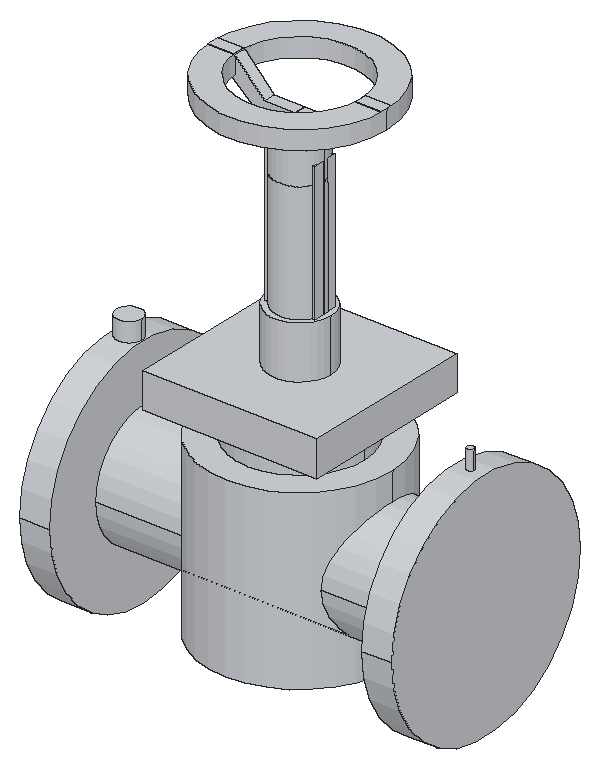
Revit family "Sigma_Compact_DN200-HF_PN16_RFA_2019", category Pipe Accessories, Revit 2019
Family settings
  Round Connector Dimension = Use Diameter
  Part Type = Valve - Breaks Into
  Work Plane-Based = No
  Always vertical = Yes
  Cut with Voids When Loaded = No
  Shared = No
Parameters (values of type "Sigma Compact DN 200 HF PN16")
  magiProductId = "9690c155034b41f3a54554dedb5edf"
  magiProductFamilyId = "01495da7eb234de3883c6bc9c8853e"
  magiPartTypeId = 304
  isMeasuringValve [instance] = no
  ang2D [instance] = 0.00°
  W2D = 50 mm
  VersionID = "2.0/2018.12.13.2/FRESE_SIGMA_C_BIG_Q13_001"
  Use Minimum Symbol Size [instance] = no
  URL = "www.hydronix.cz"
  Type Comments = "přírubový; PN16; max dp=800kPa; 0~+110°C; max uzavírací tlak 1MPa"
  R4 = 105 mm
  R3 = 98.8 mm
  R1 = 150 mm
  QmdConnectorList = "301;D;302;D"
  Productdata [instance] = ""
  Manufacturer = "Hydronix"
  Maintenance Zone Under Depth [instance] = 100 mm
  Maintenance Zone Right Depth [instance] = 100 mm
  Maintenance Zone Over Depth [instance] = 100 mm
  Maintenance Zone Left Depth [instance] = 100 mm
  Maintenance Zone Front Depth [instance] = 100 mm
  Maintenance Zone Back Depth [instance] = 100 mm
  Maintenance Zone Front Visibility [instance] = no
  MC Use Limits From Balancing Method = no
  MC Throttling Minimum Value = 0
  MC Throttling Maximum Value = 0
  MC Product Code = "53-2416 DN200; PN16; (130000-280000 l/h); kvs=317"
  MC Pressure Drop Minimum Value = 0.0 Pa
  MC Pressure Drop Maximum Value = 0.0 Pa
  MC Piping Given Pressure Drop [instance] = 0.0 Pa
  LF__ve = -LF  # -48 mm
  LF2 = 24 mm
  LF = 48 mm
  L432 = 49.35 mm
  L43 = 98.7 mm
  L42 = 141 mm
  L4 = 282 mm
  L3 = 504 mm
  L2D_Min = 30.48 mm
  L2D = 230 mm
  L2 = 300 mm
  HH12 = 29.5 mm
  HH1 = 59 mm
  HDF__ve = -HDF  # -334 mm
  HDF = 334 mm
  H6 = 85 mm
  H4 = 57 mm
  H3 = 47.5 mm
  H2 = 142.5 mm
  H11 = 285 mm
  H1 = 853 mm
  H = 714 mm
  Description = "Automatický vyvažovací ventil"
  DF2 = 190 mm
  D = 200 mm
  Clearance Zone Height Depth [instance] = 100 mm
  Clearance Zone Circular Radius [instance] = 300 mm
  Clearance Zone Visibility [instance] = no
  CAT0 = yes
Types (9, lengths in mm): name | magiProductId | Type Comments | R4 | R3 | R1 | MC Product Code | LF__ve | LF2 | LF | L432 | L43 | L42 | L4 | L3 | L2 | HH12 | HH1 | HDF__ve | HDF | H4 | H3 | H2 | H11 | H1 | H | DF2 | D | Clearance Zone Circular Radius
  Sigma Compact DN 050 HF PN16 | "68e8ec0e285d475ea5c3f8787337ca" | "přírubový; PN16; max dp=800kPa; 0~+120°C; max uzavírací tlak 1MPa" | 40.25 | 42.9 | 57.5 | "53-2410 DN50; PN16; (3920-24000 l/h); kvs=34" | -18.4 | 9.2 | 18.4 | 18.917 | 37.835 | 54.05 | 108.1 | 193.2 | 115 | 16.5 | 33 | -202 | 202 | 24.75 | 20.625 | 61.875 | 123.75 | 480 | 367 | 82.5 | 50 | 115
  Sigma Compact DN 065 HF PN16 | "93d22af618bf47d6be13ef3bd41a97" | "přírubový; PN16; max dp=800kPa; 0~+120°C; max uzavírací tlak 1MPa" | 50.75 | 48.1 | 72.5 | "53-2411 DN65; PN16; (5950-35000 l/h); kvs=47" | -23.2 | 11.6 | 23.2 | 23.853 | 47.705 | 68.15 | 136.3 | 243.6 | 145 | 16.5 | 33 | -199 | 199 | 27.75 | 23.125 | 69.375 | 138.75 | 497 | 384 | 92.5 | 65 | 145
  Sigma Compact DN 080 HF PN16 | "30d16928369c437789493110503824" | "přírubový; PN16; max dp=800kPa; 0~+120°C; max uzavírací tlak 1MPa" | 54.25 | 52 | 77.5 | "53-2412 DN80; PN16; (7020-43000 l/h); kvs=61" | -24.8 | 12.4 | 24.8 | 25.497 | 50.995 | 72.85 | 145.7 | 260.4 | 155 | 16.5 | 33 | -213 | 213 | 30 | 25 | 75 | 150 | 526 | 413 | 100 | 80 | 155
  Sigma Compact DN 100 HF PN16 | "cbc2fc0a341c4a2b87b0bcbf79c376" | "přírubový; PN16; max dp=800kPa; 0~+120°C; max uzavírací tlak 1MPa" | 61.25 | 61.1 | 87.5 | "53-2413 DN100; PN16; (14800-90000 l/h); kvs=104" | -28 | 14 | 28 | 28.788 | 57.575 | 82.25 | 164.5 | 294 | 175 | 34 | 68 | -331 | 331 | 35.25 | 29.375 | 88.125 | 176.25 | 714 | 566 | 117.5 | 100 | 175
  Sigma Compact DN 125 HF PN16 | "02452206f7594718b3d97e4e693144" | "přírubový; PN16; max dp=800kPa; 0~+120°C; max uzavírací tlak 1MPa" | 70 | 70.2 | 100 | "53-2414 DN125; PN16; (23000-135000 l/h); kvs=185" | -32 | 16 | 32 | 32.9 | 65.8 | 94 | 188 | 336 | 200 | 36.5 | 73 | -338 | 338 | 40.5 | 33.75 | 101.25 | 202.5 | 761 | 608 | 135 | 125 | 200
  Sigma Compact DN 150 HF PN16 | "2e5d0064e2dd45fa818d7fb779c9a5" | "přírubový; PN16; max dp=800kPa; 0~+110°C; max uzavírací tlak 1MPa" | 84 | 74.1 | 120 | "53-2415 DN150; PN16; (32000-195000 l/h); kvs=242" | -38.4 | 19.2 | 38.4 | 39.48 | 78.96 | 112.8 | 225.6 | 403.2 | 240 | 13 | 26 | -391 | 391 | 42.75 | 35.625 | 106.875 | 213.75 | 782 | 676 | 142.5 | 150 | 240
  Sigma Compact DN 200 HF PN16 | "9690c155034b41f3a54554dedb5edf" | "přírubový; PN16; max dp=800kPa; 0~+110°C; max uzavírací tlak 1MPa" | 105 | 98.8 | 150 | "53-2416 DN200; PN16; (130000-280000 l/h); kvs=317" | -48 | 24 | 48 | 49.35 | 98.7 | 141 | 282 | 504 | 300 | 29.5 | 59 | -334 | 334 | 57 | 47.5 | 142.5 | 285 | 853 | 714 | 190 | 200 | 300
  Sigma Compact DN 250 HF PN16 | "baee3668eb0d4f168225ec1ed946f7" | "přírubový; PN16; max dp=800kPa; 0~+110°C; max uzavírací tlak 1MPa" | 127.75 | 115.44 | 182.5 | "53-2417 DN250; PN16; (245000-600000 l/h); kvs=717" | -58.4 | 29.2 | 58.4 | 60.042 | 120.085 | 171.55 | 343.1 | 613.2 | 365 | 29 | 58 | -462 | 462 | 66.6 | 55.5 | 166.5 | 333 | 1044 | 906 | 222 | 250 | 365
  Sigma Compact DN 300 HF PN16 | "f903017b03a74a7ebca8b59c0516bf" | "přírubový; PN16; max dp=800kPa; 0~+110°C; max uzavírací tlak 1MPa" | 148.75 | 135.2 | 212.5 | "53-2418 DN300; PN16; (245000-600000 l/h); kvs=717" | -68 | 34 | 68 | 69.912 | 139.825 | 199.75 | 399.5 | 714 | 425 | 29 | 58 | -424 | 424 | 78 | 65 | 195 | 390 | 1082 | 944 | 260 | 300 | 425
Reference planes
  plane 1 "Center (Front/Back)": y = 0
  plane 2 "XYPLANE": z = 0
  plane 3 "Center (Left/Right)": x = 0
  plane 4 "298": y = -290
  plane 5 "297": y = 290
  plane 6 "296": y = -190
  plane 7 "295": y = 190
  plane 8 "294": z = -290
  plane 9 "293": z = 763
  plane 10 "292": x = -400
  plane 11 "291": x = 400
  plane 12 "290": z = 763
  plane 13 "256": y = -20
  plane 14 "254": z = 543.5
  plane 15 "253": z = 553.5
  plane 16 "252": x = -40
  plane 17 "251": x = -30
  plane 18 "250": x = 40
  plane 19 "249": x = 30
  plane 20 "247": z = 332
  plane 21 "244": z = 524
  plane 22 "243": x = 141
  plane 23 "242": x = 98.7
  plane 24 "241": x = 49.35
  plane 25 "240": y = -10
  plane 26 "238": x = -49.35
  plane 27 "237": x = -98.7
  plane 28 "236": z = 583
  plane 29 "235": z = 613
  plane 30 "234": x = -141
  plane 31 "225": z = 663
  plane 32 "224": z = -190
  plane 33 "157": x = 276
  plane 34 "156": x = -276
  plane 35 "155": z = 190
  plane 36 "154": z = 247
  plane 37 "153": z = 190
  plane 38 "152": z = 142.5
  plane 39 "151": x = -252
  plane 40 "150": z = -142.5
  plane 41 "149": x = 0
  plane 42 "148": y = 0
  plane 43 "147": z = 0
  plane 44 "146": x = -300
  plane 45 "145": x = 300
Forms (mm)
  Blend 1, solid, visible <- "Maintenance Zone Front Visibility"
    base sketch origin (-750, 0, 763) x (1, 0, 0) y (0, 1, 0)
      loop
        line (350, 290) -> (350, -290) -> (1150, -290) -> (1150, 290) -> (350, 290)
    top sketch origin (-750, 0, 763) x (1, 0, 0) y (0, 1, 0)
      loop
        line (350, 290) -> (350, -290) -> (1150, -290) -> (1150, 290) -> (350, 290)
    from 0 to -1053
  Blend 2, solid, visible <- "Clearance Zone Visibility"
    base sketch origin (-750, 0, 0) x (1, 0, 0) y (0, 1, 0)
      loop
        circle (750, 0) r 300
    top sketch origin (-750, 0, 0) x (1, 0, 0) y (0, 1, 0)
      loop
        circle (750, 0) r 300
    from 0 to 763
  Extrusion 3, solid
    sketch origin (-750, 0, 524) x (1, 0, 0) y (0, 1, 0)
      loop
        circle (750, 0) r 40.432
    from 0 to -334 <- "HDF__ve"
  Extrusion 4, solid
    sketch origin (-750, 0, 332) x (1, 0, 0) y (0, 1, 0)
      loop
        line (780, 20) -> (720, 20) -> (720, -20) -> (780, -20) -> (780, 20)
    from 0 to 25
  Extrusion 5, solid
    sketch origin (750, -20, 0) x (-1, 0, 0) y (0, 0, 1)
      loop
        line (790, 332) -> (790, 553.5) -> (710, 553.5) -> (710, 332) -> (720, 332) -> (720, 543.5) -> (780, 543.5) -> (780, 332) -> (790, 332)
    from 0 to 40
  Extrusion 6, solid
    sketch origin (-750, 0, 332) x (1, 0, 0) y (0, 1, 0)
      loop
        circle (750, 0) r 25
    from 0 to 30
  Extrusion 7, solid
    sketch origin (750, -10, 0) x (-1, 0, 0) y (0, 0, 1)
      loop
        line (848.7, 663) -> (799.35, 613) -> (750, 613) -> (750, 583) -> (799.35, 583) -> (891, 663) -> (848.7, 663)
    from 0 to 20
  Extrusion 8, solid
    sketch origin (750, -10, 0) x (-1, 0, 0) y (0, 0, 1)
      loop
        line (651.3, 663) -> (609, 663) -> (700.65, 583) -> (750, 583) -> (750, 613) -> (700.65, 613) -> (651.3, 663)
    from 0 to 20
  Extrusion 9, solid
    sketch origin (-750, 0, 524) x (1, 0, 0) y (0, 1, 0)
      loop
        circle (750, 0) r 40.432
    from 0 to 59 <- "HH1"
  Extrusion 10, solid
    sketch origin (-750, 0, 663) x (1, 0, 0) y (0, 1, 0)
      loop
        circle (750, 0) r 141
      loop
        circle (750, 0) r 98.7
    from 0 to -30
  Extrusion 11, solid, visible <- "CAT0"
    sketch origin (-750, 0, 190) x (1, 0, 0) y (0, 1, 0)
      loop
        circle (1026, 0) r 5.5
    from 0 to 30
  Extrusion 12, solid, visible <- "CAT0"
    sketch origin (-750, 0, 190) x (1, 0, 0) y (0, 1, 0)
      loop
        circle (474, 0) r 20.3
    from 0 to 30
  Extrusion 13, solid, visible <- "CAT0"
    sketch origin (-750, 0, 247) x (1, 0, 0) y (0, 1, 0)
      loop
        circle (750, 0) r 50.432
    from 0 to 85 <- "H6"
  Extrusion 14, solid, visible <- "CAT0"
    sketch origin (-750, 0, 190) x (1, 0, 0) y (0, 1, 0)
      loop
        line (891, 141) -> (609, 141) -> (609, -141) -> (891, -141) -> (891, 141)
    from 0 to 57 <- "H4"
  Extrusion 15, solid, visible <- "CAT0"
    sketch origin (-750, 0, 142.5) x (1, 0, 0) y (0, 1, 0)
      loop
        circle (750, 0) r 105
    from 0 to 47.5 <- "H3"
  Extrusion 16, solid, visible <- "CAT0"
    sketch origin (-252, -750, 0) x (0, 1, 0) y (0, 0, 1)
      loop
        circle (750, 0) r 98.8
    from 0 to 504 <- "L3"
  Extrusion 17, solid, visible <- "CAT0"
    sketch origin (-750, 0, -142.5) x (1, 0, 0) y (0, 1, 0)
      loop
        circle (750, 0) r 150
    from 0 to 285 <- "H11"
  Extrusion 18, solid, visible <- "CAT0"
    sketch origin (-300, -750, 0) x (0, 1, 0) y (0, 0, 1)
      loop
        circle (750, 0) r 190
    from 0 to 48 <- "LF"
  Extrusion 19, solid, visible <- "CAT0"
    sketch origin (300, -750, 0) x (0, 1, 0) y (0, 0, 1)
      loop
        circle (750, 0) r 190
    from 0 to -48 <- "LF__ve"
  Extrusion 20, solid, not visible
    sketch origin (-300, -750, 0) x (0, 1, 0) y (0, 0, 1)
      loop
        circle (750, 0) r 10
    from 0 to 10
  Extrusion 21, solid, not visible
    sketch origin (300, -750, 0) x (0, 1, 0) y (0, 0, 1)
      loop
        circle (750, 0) r 10
    from 0 to -10
Lines and regions (mm)
  reference lines, not visible
    curve 1: circle (2, 2, 0) r 1 normal (0, 0, 1)
  reference lines
    curve 2: circle (0, 0, 190) r 1 normal (0, 0, 1)
Dimensions and locks
  plane 1 "Center (Front/Back)" to curve 1 = 2 mm
  "Maintenance Zone Front Depth": plane 6 "296" to plane 4 "298"
  "Maintenance Zone Back Depth": plane 7 "295" to plane 5 "297"
  "DF2": plane 42 "148" to plane 6 "296"
  "DF2": plane 42 "148" to plane 7 "295"
  "Maintenance Zone Under Depth": plane 32 "224" to plane 8 "294"
  "Maintenance Zone Over Depth": plane 31 "225" to plane 9 "293"
  "Maintenance Zone Left Depth": plane 44 "146" to plane 10 "292"
  "Maintenance Zone Right Depth": plane 45 "145" to plane 11 "291"
  "Clearance Zone Height Depth": plane 31 "225" to plane 12 "290"
  locked: plane 25 "240" to plane 13 "256" at 10
  locked: plane 15 "253" to plane 14 "254" at 10
  "HH12": plane 21 "244" to plane 15 "253"
  locked: plane 17 "251" to plane 16 "252" at 10
  locked: plane 41 "149" to plane 17 "251" at 30
  locked: plane 19 "249" to plane 18 "250" at 10
  locked: plane 41 "149" to plane 19 "249" at 30
  "H6": plane 36 "154" to plane 20 "247"
  "H": plane 32 "224" to plane 21 "244"
  "L42": plane 41 "149" to plane 22 "243"
  "L43": plane 41 "149" to plane 23 "242"
  "L432": plane 41 "149" to plane 24 "241"
  locked: plane 42 "148" to plane 25 "240" at 10
  "L432": plane 41 "149" to plane 26 "238"
  "L43": plane 41 "149" to plane 27 "237"
  locked: plane 29 "235" to plane 28 "236" at 30
  locked: plane 31 "225" to plane 29 "235" at 50
  "L42": plane 41 "149" to plane 30 "234"
  "H1": plane 32 "224" to plane 31 "225"
  "DF2": plane 2 "XYPLANE" to plane 32 "224"
  "LF2": plane 45 "145" to plane 33 "157"
  "LF2": plane 44 "146" to plane 34 "156"
  "DF2": plane 2 "XYPLANE" to plane 35 "155"
  "H4": plane 37 "153" to plane 36 "154"
  "H3": plane 38 "152" to plane 37 "153"
  "H11": plane 40 "150" to plane 38 "152"
  "LF": plane 44 "146" to plane 39 "151"
  "H2": plane 2 "XYPLANE" to plane 40 "150"
  locked: plane 3 "Center (Left/Right)" to plane 41 "149"
  locked: plane 1 "Center (Front/Back)" to plane 42 "148"
  locked: plane 2 "XYPLANE" to plane 43 "147"
  "L2": plane 3 "Center (Left/Right)" to plane 44 "146"
  "L2": plane 3 "Center (Left/Right)" to plane 45 "145"
  Blend 1 sketch curve to Blend 1 sketch curve = 0 mm  (x16)
  Extrusion 4 sketch curve to Extrusion 4 sketch curve = 0 mm  (x8)
  Extrusion 5 sketch curve to Extrusion 5 sketch curve = 0 mm  (x16)
  Extrusion 7 sketch curve to Extrusion 7 sketch curve = 0 mm  (x12)
  Extrusion 8 sketch curve to Extrusion 8 sketch curve = 0 mm  (x12)
  equal spacing: Extrusion 14 sketch curve, curve 2, Extrusion 14 sketch curve  (x2)
  "L4": Extrusion 14 sketch curve to Extrusion 14 sketch curve  (x2)
  Extrusion 14 sketch curve to Extrusion 14 sketch curve = 0 mm  (x8)
  "Clearance Zone Circular Radius": radius of Blend 2 sketch curve  (x2)
  "L42": radius of Extrusion 10 sketch curve
  "L43": radius of Extrusion 10 sketch curve
  "R4": radius of Extrusion 15 sketch curve
  "R3": radius of Extrusion 16 sketch curve
  "R1": radius of Extrusion 17 sketch curve
  "DF2": radius of Extrusion 18 sketch curve
  "DF2": radius of Extrusion 19 sketch curve
  aligned and locked: level to plane 2 "XYPLANE"
  aligned and locked: Blend 1 sketch curve to plane 5 "297"  (x2)
  aligned and locked: plane 10 "292" to Blend 1 sketch curve  (x4)
  aligned and locked: plane 11 "291" to Blend 1 sketch curve  (x4)
  aligned and locked: plane 5 "297" to Blend 1 sketch curve  (x2)
  aligned and locked: plane 4 "298" to Blend 1 sketch curve  (x4)
  aligned and locked: Blend 1 to plane 8 "294"
  aligned and locked: plane 41 "149" to Blend 2 sketch curve  (x2)
  aligned and locked: plane 42 "148" to Blend 2 sketch curve  (x2)
  aligned and locked: plane 12 "290" to Blend 2
  aligned and locked: plane 41 "149" to Extrusion 3 sketch curve
  aligned and locked: plane 42 "148" to Extrusion 3 sketch curve
  aligned and locked: Extrusion 5 sketch curve to plane 16 "252"
  aligned and locked: plane 20 "247" to Extrusion 5 sketch curve  (x4)
  aligned and locked: plane 15 "253" to Extrusion 5 sketch curve  (x2)
  aligned and locked: plane 16 "252" to Extrusion 5 sketch curve
  aligned and locked: plane 18 "250" to Extrusion 5 sketch curve  (x2)
  aligned and locked: plane 19 "249" to Extrusion 5 sketch curve  (x2)
  aligned and locked: plane 14 "254" to Extrusion 5 sketch curve  (x2)
  aligned and locked: plane 17 "251" to Extrusion 5 sketch curve  (x2)
  aligned and locked: plane 41 "149" to Extrusion 6 sketch curve
  aligned and locked: plane 42 "148" to Extrusion 6 sketch curve
  aligned and locked: plane 27 "237" to Extrusion 7 sketch curve
  aligned and locked: plane 31 "225" to Extrusion 7 sketch curve  (x2)
  aligned and locked: plane 26 "238" to Extrusion 7 sketch curve  (x2)
  aligned and locked: plane 29 "235" to Extrusion 7 sketch curve  (x2)
  aligned and locked: plane 41 "149" to Extrusion 7 sketch curve  (x2)
  aligned and locked: plane 28 "236" to Extrusion 7 sketch curve  (x2)
  aligned and locked: plane 30 "234" to Extrusion 7 sketch curve
  aligned and locked: plane 23 "242" to Extrusion 8 sketch curve
  aligned and locked: plane 31 "225" to Extrusion 8 sketch curve  (x2)
  aligned and locked: plane 24 "241" to Extrusion 8 sketch curve  (x2)
  aligned and locked: plane 29 "235" to Extrusion 8 sketch curve  (x2)
  aligned and locked: plane 41 "149" to Extrusion 8 sketch curve  (x2)
  aligned and locked: plane 28 "236" to Extrusion 8 sketch curve  (x2)
  aligned and locked: plane 22 "243" to Extrusion 8 sketch curve
  aligned and locked: plane 41 "149" to Extrusion 9 sketch curve
  aligned and locked: plane 42 "148" to Extrusion 9 sketch curve
  aligned and locked: plane 41 "149" to Extrusion 10 sketch curve  (x2)
  aligned and locked: plane 42 "148" to Extrusion 10 sketch curve  (x2)
  aligned and locked: plane 33 "157" to Extrusion 11 sketch curve
  aligned and locked: plane 42 "148" to Extrusion 11 sketch curve
  aligned and locked: plane 34 "156" to Extrusion 12 sketch curve
  aligned and locked: plane 42 "148" to Extrusion 12 sketch curve
  aligned and locked: plane 41 "149" to Extrusion 13 sketch curve
  aligned and locked: plane 42 "148" to Extrusion 13 sketch curve
  aligned and locked: plane 41 "149" to curve 2
  aligned and locked: plane 42 "148" to curve 2
  aligned and locked: plane 41 "149" to Extrusion 15 sketch curve
  aligned and locked: plane 42 "148" to Extrusion 15 sketch curve
  aligned and locked: Extrusion 16 sketch curve to plane 42 "148"
  aligned and locked: plane 43 "147" to Extrusion 16 sketch curve
  aligned and locked: plane 41 "149" to Extrusion 17 sketch curve
  aligned and locked: plane 42 "148" to Extrusion 17 sketch curve
  aligned and locked: Extrusion 18 sketch curve to plane 42 "148"
  aligned and locked: plane 43 "147" to Extrusion 18 sketch curve
  aligned and locked: Extrusion 19 sketch curve to plane 42 "148"
  aligned and locked: plane 43 "147" to Extrusion 19 sketch curve
  aligned and locked: Extrusion 20 sketch curve to plane 42 "148"
  aligned and locked: plane 43 "147" to Extrusion 20 sketch curve
  aligned and locked: Extrusion 21 sketch curve to plane 42 "148"
  aligned and locked: plane 43 "147" to Extrusion 21 sketch curve
Automatic sketch dimensions
  plane 26 "238" to Extrusion 3 sketch curve = 8.917 mm
  Extrusion 4 sketch curve to plane 17 "251" = 0 mm
  Extrusion 4 sketch curve to plane 13 "256" = 0 mm
  Extrusion 4 sketch curve to plane 19 "249" = 0 mm
  Extrusion 4 sketch curve to plane 1 "Center (Front/Back)" = 20 mm
  plane 17 "251" to Extrusion 6 sketch curve = 5 mm
  plane 26 "238" to Extrusion 9 sketch curve = 8.917 mm
  Extrusion 11 sketch curve to plane 33 "157" = 5.5 mm
  plane 44 "146" to Extrusion 12 sketch curve = 3.7 mm
  Extrusion 13 sketch curve to plane 26 "238" = 1.083 mm
  Extrusion 20 sketch curve to plane 25 "240" = 0 mm
  Extrusion 21 sketch curve to plane 25 "240" = 0 mm
  plane 3 "Center (Left/Right)" to curve 1 = 2 mm
  Extrusion 14 sketch curve to plane 30 "234" = 0 mm
  plane 6 "296" to Extrusion 14 sketch curve = 49 mm
  radius of curve 2 = 1 mm
  radius of curve 1 = 1 mm
Connectors
  piping at (-300, 0, 0), diameter 200, driven by "D"
    settings: on Extrusion 20, index 1, connector inside diameter 609.6 mm, connector length 0 mm, flow factor 0, pipe flow 0.0 L/s, pressure drop 0.0 Pa, fitting loss kfactor 0, connector angle 0.00°, fixture units 0, engagement length 0 mm, angle of deflection 0.00°, flow configuration 0, flow direction 0, fitting loss method 0, system type 29, joint type 0, gender type 0, connector reference index 2, connector utility 0, adjustable connector no, is connector primary yes, connector description ""
  piping at (300, 0, 0), diameter 200, driven by "D"
    settings: on Extrusion 21, index 2, connector inside diameter 609.6 mm, connector length 0 mm, flow factor 0, pipe flow 0.0 L/s, pressure drop 0.0 Pa, fitting loss kfactor 0, connector angle 0.00°, fixture units 0, engagement length 0 mm, angle of deflection 0.00°, flow configuration 0, flow direction 0, fitting loss method 0, system type 29, joint type 0, gender type 0, connector reference index 1, connector utility 0, adjustable connector no, is connector primary no, connector description ""
